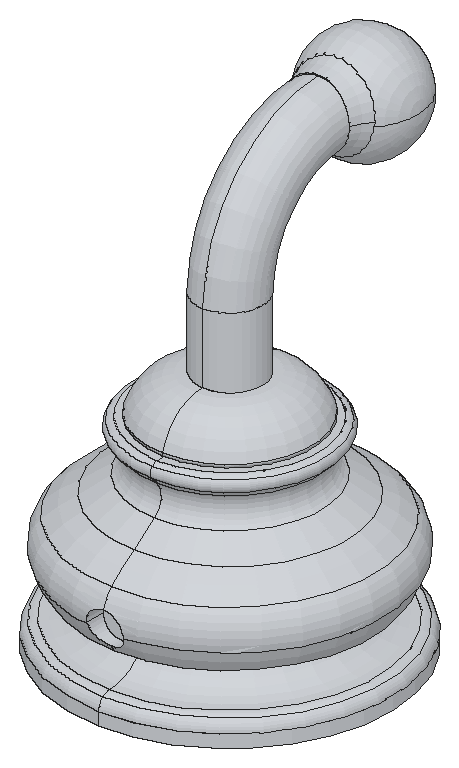
Revit family "Accessory-Robe_Hook-KOHLER-FAIRFAX-K-12156T", category Specialty Equipment, host Face, Revit 2017
Family settings
  Host = Face
  Round Connector Dimension = Use Diameter
  Part Type = Normal
  OmniClass Number = 23.31.25.27
  OmniClass Title = Robe Hooks
  Cut with Voids When Loaded = No
  Shared = No
  Room Calculation Point = No
Parameters (values of type "CP-Polished Chrome")
  Width = 2 133/256"  # constant formula
  WaterSense Certified = 1 = 0  # no
  URL = "http://www.kohler.com.cn/"
  Type = 1
  Product Page URL = "https://www.kohler.com.cn/product/K-12156T-CP/K-12156T-CP/"
  Product Name = "FAIRFAX"  # constant formula
  Product Documentation Link = "https://files.kohler.com.cn/pdfs/accessory_fairfax.pdf"
  Model = if(Type = 1, "K-12156T-CP", if(Type = 2, "K-12156T-BN", if(Type = 3, "K-12156T-BV", "NA")))  # "K-12156T-CP"
  Material = "Brass Construction"  # constant formula
  Master Format 2014 Name = "Toilet, Bath, and Laundry Accessories"  # constant formula
  Master Format 2014 = "10 28 00"  # constant formula
  Manufacturer Address = "158 Jiangchang 3rd Road Zhabei District Shanghai, 200436 China"  # constant formula
  Manufacturer = "KOHLER Co."  # constant formula
  Length = 3 159/256"  # constant formula
  Height = 2 133/256"  # constant formula
  Finish = Kohler-Metal-CP-Polished_Chrome
  Environmental Product Declaration = ""
  Description = "single hook"  # constant formula
  Default Elevation = 42"
  Declare Label = ""
  Date Modified = "06/16/2020"  # constant formula
  Date Created = "06/16/2020"  # constant formula
  Copyright = "Copyright KOHLER Co."  # constant formula
  Contact Us = "http://www.kohler.com.cn/en/contact/contact-us/"
  Assembly Code = "C1030200"
  ADA Compliant = 1 = 0  # no
Types (4): name | Type | Product Page URL | Model | Finish
  (no name) | 1 | "https://www.kohler.com.cn/product/K-12156T-CP/K-12156T-CP/" | "K-12156T-CP" | Kohler-Metal-CP-Polished_Chrome
  CP-Polished Chrome | 1 | "https://www.kohler.com.cn/product/K-12156T-CP/K-12156T-CP/" | "K-12156T-CP" | Kohler-Metal-CP-Polished_Chrome
  BN-Roman Silver | 2 | "https://www.kohler.com.cn/product/K-12156T-CP/K-12156T-BN/" | "K-12156T-BN" | Kohler-Metal-BN-Roman_Silver
  BV-Roman Copper | 3 | "https://www.kohler.com.cn/product/K-12156T-CP/K-12156T-BV/" | "K-12156T-BV" | Kohler-Metal-BV-Roman_Copper
Reference planes (in)
  plane 1 "Center (Front/Back)": y = 0
  plane 2: z = 0
  plane 3 "Center (Left/Right)": x = 0
  plane 4: x = -1.25984
  plane 5: x = 1.25969
  plane 6: y = 1.25984
  plane 7: y = -1.25969
  plane 8: y = 1.69291
  plane 9: z = 3.62109
Dimensions and locks (in)
  "Height": plane 7 to plane 6
  "Width": plane 4 to plane 5
  locked: plane 1 "Center (Front/Back)" to plane 8 at 1.69291
  "Length": plane 9 to level
  aligned and locked: plane 2 to host face
  aligned and locked: level to host face
  aligned and locked: plane 3 "Center (Left/Right)" to nested 1
  aligned and locked: plane 1 "Center (Front/Back)" to nested 1
Automatic sketch dimensions
  host sketch curve to host sketch curve = 96"  (x2)
Nested families (in)
  nested 1: "K-12156T" at (0, 0, 0), type "K-12156T"
Definition of nested family "K-12156T"
  Parameters (values of type "K-12156T")
    Material = none
  Reference planes (in)
    plane 1 "Center (Front/Back)": y = 0
    plane 2: z = 0
    plane 3 "Center (Left/Right)": x = 0
    plane 4: y = 1.25984
    plane 5: y = 1.69291
    plane 6: z = 3.62205
    plane 7: y = -1.25984
    plane 8: x = 1.25984
    plane 9: x = -1.25984
    plane 10: y = 0.80953
    plane 11: y = 0.99083
  Forms (in)
    Revolve 1, solid, material <- "Material", detail levels medium+fine
      sketch origin (0, 0, 0) x (0, 1, 0) y (0, 0, 1)
        loop
          line (0.79194, 0.44291) -> (1.08539, 0.44291)
          arc (1.08539, 0.44291) -> (1.14027, 0.52422) -> (1.18093, 0.61349) r 0.59031
          arc (1.18093, 0.61349) -> (1.18929, 0.75998) -> (1.11673, 0.8875) r 0.25901
          arc (1.11673, 0.8875) -> (1.01456, 0.97302) -> (0.90154, 1.04357) r 0.96066
          arc (0.90154, 1.04357) -> (0.79979, 1.10425) -> (0.70447, 1.17461) r 1.20802
          arc (0.70447, 1.17461) -> (0.64659, 1.28732) -> (0.68985, 1.40642) r 0.15842
          arc (0.68985, 1.40642) -> (0.71118, 1.42875) -> (0.73263, 1.45097) r 5.95788
          arc (0.73263, 1.45097) -> (0.75005, 1.49395) -> (0.73263, 1.53692) r 0.06172
          arc (0.73263, 1.53692) -> (0.712, 1.55133) -> (0.6875, 1.55701) r 0.06629
          line (0.6875, 1.55701) -> (0.61634, 1.55701)
          arc (0.61634, 1.55701) -> (0.63138, 1.56552) -> (0.63419, 1.58256) r 0.02002
          arc (0.63419, 1.58256) -> (0.4905, 1.78581) -> (0.25199, 1.85701) r 0.38114
          arc (0.25199, 1.85701) -> (0.12459, 1.86472) -> (0, 1.89243) r 0.80625
          line (0, 1.89243) -> (0, 0) -> (1.24016, 0) -> (1.24016, 0.09999)
          arc (1.24016, 0.09999) -> (1.22878, 0.14632) -> (1.19723, 0.18211) r 0.10001
          arc (1.19723, 0.18211) -> (1.1676, 0.19631) -> (1.135, 0.20044) r 0.10282
          arc (1.135, 0.20044) -> (0.92151, 0.2623) -> (0.79194, 0.44291) r 0.33976
        axis (0, 1.89243) -> (0, 0)
      angle from 0 to 360
    Revolve 2, solid, material <- "Material", detail levels medium+fine
      sketch origin (0, -0.10156, 3.19934) x (1, 0, 0) y (0, 1, 0)
        loop
          arc (0.42614, 1.3621) -> (0, 1.78824) -> (-0.42614, 1.3621) r 0.42614
          line (-0.42614, 1.3621) -> (0.42614, 1.3621)
        axis (-0.42614, 1.3621) -> (0.42614, 1.3621)
      angle from 0 to 360
    Sweep 3, solid, material <- "Material", detail levels medium+fine
      path origin (0, 0, 0.05652) x (0, 1, 0) y (0, 0, 1)
        loop
          line (0, 1.76394) -> (0, 2.33907)
          arc (0, 2.33907) -> (0.24888, 2.93991) -> (0.84971, 3.18879) r 0.84971
      profile origin (0, 0, 1.82046) x (0, -1, 0) y (1, 0, 0)
        loop
          circle (0, 0) r 0.25175
    Revolve 4, solid, material <- "Material", detail levels medium+fine
      sketch origin (0, -0.08934, 3.34198) x (1, 0, 0) y (0, 0.994522, -0.104528)
        loop
          spline (-0.25174, 0.90434) -> (-0.24959, 0.9085) -> (-0.24316, 0.91258) -> (-0.23258, 0.91653) -> (-0.21801, 0.92026) -> (-0.19972, 0.92373) -> (-0.17801, 0.92686) -> (-0.15325, 0.92961) -> (-0.12587, 0.93192) -> (-0.09634, 0.93377) -> (-0.06515, 0.9351) -> (-0.03286, 0.93592) -> (0, 0.93619)
          line (0, 0.93619) -> (0, 1.11771)
          spline (0, 1.11771) -> (-0.0418, 1.11743) -> (-0.08287, 1.11659) -> (-0.12253, 1.1152) -> (-0.16009, 1.1133) -> (-0.19492, 1.1109) -> (-0.2264, 1.10806) -> (-0.25401, 1.10483) -> (-0.27728, 1.10125) -> (-0.2958, 1.09738) -> (-0.30926, 1.09331) -> (-0.31743, 1.08908) -> (-0.32017, 1.08479)
          arc (-0.32017, 1.08479) -> (-0.2791, 0.99716) -> (-0.25174, 0.90434) r 0.63858
        axis (0, 1.11771) -> (0, 0.90434)
      angle from 0 to 360
    Revolve 5, solid, material <- "Material", detail levels coarse
      sketch origin (0, 0, 0) x (0, 1, 0) y (0, 0, 1)
        loop
          line (1.33601, 0) -> (1.33601, 0.25) -> (1.09588, 0.25) -> (1.09588, 1.25021) -> (0.79194, 1.25021) -> (0.79194, 1.85665) -> (0, 1.85665) -> (0, 0) -> (1.33601, 0)
        axis (0, 1.85665) -> (0, 0)
      angle from 0 to 360
    Sweep 6, solid, material <- "Material", detail levels coarse
      path origin (0, 0, 0) x (0, 1, 0) y (0, 0, 1)
        loop
          arc (1.0835, 3.14184) -> (0.3479, 3.06719) -> (0, 2.41477) r 0.7857
          line (0, 2.41477) -> (0, 1.85665)
      profile origin (0, 0, 1.85665) x (1, 0, 0) y (0, 1, 0)
        loop
          circle (0, 0) r 0.32756
    Revolve 7, solid, material <- "Material", detail levels coarse
      sketch origin (0, 0, 3.19531) x (1, 0, 0) y (0, 1, 0)
        loop
          line (-0.49839, 1.26061) -> (0.50099, 1.26061)
          arc (0.50099, 1.26061) -> (0.0013, 1.7603) -> (-0.49839, 1.26061) r 0.49969
        axis (-0.49839, 1.26061) -> (0.50099, 1.26061)
      angle from 0 to 360
    Extrusion 8, void
      sketch origin (0, 0, 0) x (1, 0, 0) y (0, 0, 1)
        loop
          circle (0, 0.62795) r 0.13808
      from 1.02657 to 1.54445
  Cuts and joins
    Extrusion 8 cuts Revolve 1
    Extrusion 8 cuts Revolve 2
    Extrusion 8 cuts Sweep 3
    joined: Revolve 1, Revolve 2, Sweep 3
    Extrusion 8 cuts Sweep 6
    Extrusion 8 cuts Revolve 7
    joined: Revolve 5, Sweep 6, Revolve 7
  Lines and regions (in)
    Masking region 1
      outline origin (0, 0, 0) x (1, 0, 0) y (0, 1, 0)
        loop
          arc (0, -1.25984) -> (0.89084, -0.89084) -> (1.25984, 0) r 1.25984
          arc (1.25984, 0) -> (1.02856, 0.72751) -> (0.41963, 1.1879) r 1.25984
          arc (0.41963, 1.1879) -> (0.3283, 1.53886) -> (0, 1.69291) r 0.42685
          arc (0, 1.69291) -> (-0.3283, 1.53886) -> (-0.41963, 1.1879) r 0.42685
          arc (-0.41963, 1.1879) -> (-1.02856, 0.72751) -> (-1.25984, 0) r 1.25984
          arc (-1.25984, 0) -> (-0.89084, -0.89084) -> (0, -1.25984) r 1.25984
    Masking region 2
      outline origin (0, 0, 0) x (1, 0, 0) y (0, 0, 1)
        loop
          line (0.6875, 1.55701) -> (0.61605, 1.55701)
          arc (0.61605, 1.55701) -> (0.63129, 1.56515) -> (0.63433, 1.58216) r 0.01978
          arc (0.63433, 1.58216) -> (0.50859, 1.77288) -> (0.2959, 1.85621) r 0.37767
          line (0.2959, 1.85621) -> (0.25174, 1.85729) -> (0.25174, 2.8562)
          arc (0.25174, 2.8562) -> (0.40308, 3.33024) -> (0, 3.62205) r 0.4243
          arc (0, 3.62205) -> (-0.40308, 3.33024) -> (-0.25174, 2.8562) r 0.4243
          line (-0.25174, 2.8562) -> (-0.25174, 1.85729) -> (-0.2959, 1.85621)
          arc (-0.2959, 1.85621) -> (-0.50859, 1.77288) -> (-0.63433, 1.58216) r 0.37767
          arc (-0.63433, 1.58216) -> (-0.63129, 1.56515) -> (-0.61605, 1.55701) r 0.01978
          line (-0.61605, 1.55701) -> (-0.6875, 1.55701)
          arc (-0.6875, 1.55701) -> (-0.71721, 1.54826) -> (-0.73985, 1.52712) r 0.0673
          arc (-0.73985, 1.52712) -> (-0.74999, 1.4956) -> (-0.74207, 1.46345) r 0.06067
          arc (-0.74207, 1.46345) -> (-0.72321, 1.44097) -> (-0.70283, 1.41987) r 0.42042
          arc (-0.70283, 1.41987) -> (-0.67171, 1.38413) -> (-0.65324, 1.3405) r 0.15055
          arc (-0.65324, 1.3405) -> (-0.649, 1.32301) -> (-0.64663, 1.30517) r 0.17065
          arc (-0.64663, 1.30517) -> (-0.65637, 1.23974) -> (-0.69384, 1.18523) r 0.14683
          arc (-0.69384, 1.18523) -> (-0.74678, 1.14115) -> (-0.80364, 1.10225) r 0.73106
          arc (-0.80364, 1.10225) -> (-0.87178, 1.06113) -> (-0.94071, 1.02137) r 4.02131
          arc (-0.94071, 1.02137) -> (-1.02428, 0.96693) -> (-1.1002, 0.90224) r 0.77825
          arc (-1.1002, 0.90224) -> (-1.15766, 0.82867) -> (-1.19292, 0.74224) r 0.33952
          arc (-1.19292, 0.74224) -> (-1.19839, 0.69142) -> (-1.18938, 0.6411) r 0.18035
          arc (-1.18938, 0.6411) -> (-1.1736, 0.59729) -> (-1.15556, 0.55437) r 0.88868
          arc (-1.15556, 0.55437) -> (-1.12432, 0.49622) -> (-1.08539, 0.44291) r 0.47981
          line (-1.08539, 0.44291) -> (-0.79195, 0.44291)
          arc (-0.79195, 0.44291) -> (-0.90611, 0.27267) -> (-1.09796, 0.20051) r 0.33579
          line (-1.09796, 0.20051) -> (-1.159, 0.20051)
          arc (-1.159, 0.20051) -> (-1.23031, 0.17097) -> (-1.25984, 0.09966) r 0.10084
          line (-1.25984, 0.09966) -> (-1.25984, 0) -> (0, 0) -> (1.25984, 0) -> (1.25984, 0.09966)
          arc (1.25984, 0.09966) -> (1.23031, 0.17097) -> (1.159, 0.20051) r 0.10084
          line (1.159, 0.20051) -> (1.09796, 0.20051)
          arc (1.09796, 0.20051) -> (0.90611, 0.27267) -> (0.79195, 0.44291) r 0.33579
          line (0.79195, 0.44291) -> (1.08539, 0.44291)
          arc (1.08539, 0.44291) -> (1.12432, 0.49622) -> (1.15556, 0.55437) r 0.47981
          arc (1.15556, 0.55437) -> (1.1736, 0.59729) -> (1.18938, 0.6411) r 0.88868
          arc (1.18938, 0.6411) -> (1.19839, 0.69142) -> (1.19292, 0.74224) r 0.18035
          arc (1.19292, 0.74224) -> (1.15766, 0.82867) -> (1.1002, 0.90224) r 0.33952
          arc (1.1002, 0.90224) -> (1.02428, 0.96693) -> (0.94071, 1.02137) r 0.77825
          arc (0.94071, 1.02137) -> (0.87178, 1.06113) -> (0.80364, 1.10225) r 4.02131
          arc (0.80364, 1.10225) -> (0.74678, 1.14115) -> (0.69384, 1.18523) r 0.73106
          arc (0.69384, 1.18523) -> (0.65637, 1.23974) -> (0.64663, 1.30517) r 0.14683
          arc (0.64663, 1.30517) -> (0.649, 1.32301) -> (0.65324, 1.3405) r 0.17065
          arc (0.65324, 1.3405) -> (0.67171, 1.38413) -> (0.70283, 1.41987) r 0.15055
          arc (0.70283, 1.41987) -> (0.72321, 1.44097) -> (0.74207, 1.46345) r 0.42042
          arc (0.74207, 1.46345) -> (0.74999, 1.4956) -> (0.73985, 1.52712) r 0.06067
          arc (0.73985, 1.52712) -> (0.71721, 1.54826) -> (0.6875, 1.55701) r 0.0673
    Masking region 3
      outline origin (0, 0, 0) x (0, 1, 0) y (0, 0, 1)
        loop
          line (0.6875, 1.55701) -> (0.61634, 1.55701)
          arc (0.61634, 1.55701) -> (0.63145, 1.56531) -> (0.63437, 1.5823) r 0.01985
          arc (0.63437, 1.5823) -> (0.49081, 1.78615) -> (0.25175, 1.857) r 0.37969
          line (0.25175, 1.857) -> (0.25175, 2.41477)
          arc (0.25175, 2.41477) -> (0.41986, 2.8117) -> (0.8114, 2.99201) r 0.5971
          arc (0.8114, 2.99201) -> (0.88693, 2.96549) -> (0.94945, 2.9155) r 0.23875
          arc (0.94945, 2.9155) -> (1.43206, 2.80582) -> (1.69296, 3.22639) r 0.42619
          arc (1.69296, 3.22639) -> (1.43799, 3.58406) -> (1.00134, 3.53637) r 0.43434
          arc (1.00134, 3.53637) -> (0.93536, 3.50767) -> (0.8642, 3.49695) r 0.27683
          arc (0.8642, 3.49695) -> (0.08268, 3.18638) -> (-0.25175, 2.41477) r 1.10123
          line (-0.25175, 2.41477) -> (-0.25175, 1.857)
          arc (-0.25175, 1.857) -> (-0.49081, 1.78615) -> (-0.63437, 1.5823) r 0.37969
          arc (-0.63437, 1.5823) -> (-0.63145, 1.56531) -> (-0.61634, 1.55701) r 0.01985
          line (-0.61634, 1.55701) -> (-0.6875, 1.55701)
          arc (-0.6875, 1.55701) -> (-0.74643, 1.51463) -> (-0.72737, 1.44459) r 0.06368
          arc (-0.72737, 1.44459) -> (-0.68354, 1.39726) -> (-0.65278, 1.34056) r 0.25869
          arc (-0.65278, 1.34056) -> (-0.64517, 1.27572) -> (-0.6702, 1.21542) r 0.12933
          arc (-0.6702, 1.21542) -> (-0.73784, 1.14474) -> (-0.8198, 1.09133) r 0.4267
          arc (-0.8198, 1.09133) -> (-0.98125, 0.9958) -> (-1.12738, 0.87819) r 1.30975
          arc (-1.12738, 0.87819) -> (-1.13883, 0.86614) -> (-1.14869, 0.85277) r 0.13441
          arc (-1.14869, 0.85277) -> (-1.1952, 0.68819) -> (-1.14109, 0.52595) r 0.29063
          arc (-1.14109, 0.52595) -> (-1.11551, 0.48291) -> (-1.08539, 0.44291) r 0.45847
          line (-1.08539, 0.44291) -> (-0.79194, 0.44291)
          arc (-0.79194, 0.44291) -> (-0.90556, 0.27361) -> (-1.09588, 0.20044) r 0.33804
          line (-1.09588, 0.20044) -> (-1.14484, 0.20044)
          arc (-1.14484, 0.20044) -> (-1.21889, 0.17284) -> (-1.25, 0.10019) r 0.10036
          line (-1.25, 0.10019) -> (-1.25, 0) -> (0, 0) -> (1.25, 0) -> (1.25, 0.10019)
          arc (1.25, 0.10019) -> (1.21889, 0.17284) -> (1.14484, 0.20044) r 0.10036
          line (1.14484, 0.20044) -> (1.09588, 0.20044)
          arc (1.09588, 0.20044) -> (0.90556, 0.27361) -> (0.79194, 0.44291) r 0.33804
          line (0.79194, 0.44291) -> (1.08539, 0.44291)
          arc (1.08539, 0.44291) -> (1.11551, 0.48291) -> (1.14109, 0.52595) r 0.45847
          arc (1.14109, 0.52595) -> (1.1952, 0.68819) -> (1.14869, 0.85277) r 0.29063
          arc (1.14869, 0.85277) -> (1.13883, 0.86614) -> (1.12738, 0.87819) r 0.13441
          arc (1.12738, 0.87819) -> (0.98125, 0.9958) -> (0.8198, 1.09133) r 1.30975
          arc (0.8198, 1.09133) -> (0.73784, 1.14474) -> (0.6702, 1.21542) r 0.4267
          arc (0.6702, 1.21542) -> (0.64517, 1.27572) -> (0.65278, 1.34056) r 0.12933
          arc (0.65278, 1.34056) -> (0.68354, 1.39726) -> (0.72737, 1.44459) r 0.25869
          arc (0.72737, 1.44459) -> (0.74643, 1.51463) -> (0.6875, 1.55701) r 0.06368
    symbolic lines, detail levels medium+fine
      curve 1: arc (-0.4038, 1.12525, 0) -> (0, -1.1955, 0) -> (0.4038, 1.12525, 0) r 1.1955
      curve 2: arc (-0.2514, 0.63989, 0) -> (0, -0.6875, 0) -> (0.2514, 0.63989, 0) r 0.6875
      curve 3: line (-0.25131, 0.8119, 0) -> (-0.25175, 0, 0)
      curve 4: arc (-0.25175, 0, 0) -> (-0.17801, -0.17801, 0) -> (0, -0.25175, 0) r 0.25175
      curve 5: line (0.25131, 0.8119, 0) -> (0.25175, 0, 0)
      curve 6: arc (0.25175, 0, 0) -> (0.17801, -0.17801, 0) -> (0, -0.25175, 0) r 0.25175
      curve 7: arc (-0.25143, 0.58258, 0) -> (0, -0.63452, 0) -> (0.25143, 0.58258, 0) r 0.63452
      curve 8: arc (-0.25136, 0.70662, 0) -> (0, -0.75, 0) -> (0.25136, 0.70662, 0) r 0.75
      curve 9: arc (-0.25131, 0.8119, 0) -> (-0.2644, 0.8861, 0) -> (-0.29593, 0.95452, 0) r 0.2939
      curve 10: arc (-0.29593, 0.95452, 0) -> (-0.37637, 1.06136, 0) -> (-0.41964, 1.1879, 0) r 0.42517
      curve 11: arc (0.25131, 0.8119, 0) -> (0.2644, 0.8861, 0) -> (0.29593, 0.95452, 0) r 0.2939
      curve 12: arc (0.29593, 0.95452, 0) -> (0.37637, 1.06136, 0) -> (0.41964, 1.1879, 0) r 0.42517
      curve 13: arc (-0.25174, 0, 2.8562) -> (0, 0, 2.77376) -> (0.25174, 0, 2.8562) r 0.42562
      curve 14: line (0.25174, 0, 1.85729) -> (-0.25174, 0, 1.85729)
      curve 15: line (0.6875, 0, 1.55701) -> (0, 0, 1.55701)
      curve 16: line (0, 0, 1.55701) -> (-0.6875, 0, 1.55701)
      curve 17: line (1.08539, 0, 0.44291) -> (0, 0, 0.44291)
      curve 18: line (0, 0, 0.44291) -> (-1.08539, 0, 0.44291)
      curve 19: line (1.0993, 0, 0.20044) -> (-1.0993, 0, 0.20044)
      curve 20: spline (-0.25131, 0.78326, 0) -> (-0.24274, 0.79006, 0) -> (-0.21764, 0.79639, 0) -> (-0.1777, 0.80183, 0) -> (-0.12565, 0.80601, 0) -> (-0.06504, 0.80863, 0) -> (0, 0.80953, 0) -> (0.06504, 0.80863, 0) -> (0.12565, 0.80601, 0) -> (0.1777, 0.80183, 0) -> (0.21764, 0.79639, 0) -> (0.24274, 0.79006, 0) -> (0.25131, 0.78326, 0)
      curve 21: line (0, 0.25175, 1.857) -> (0, -0.25175, 1.857)
      curve 22: line (0, 0.61634, 1.55701) -> (0, -0.61634, 1.55701)
      curve 23: line (0, 0.79194, 0.44291) -> (0, -0.79194, 0.44291)
      curve 24: line (0, 1.09588, 0.20044) -> (0, -1.09588, 0.20044)
      curve 25: line (-0.70283, 0, 1.41987) -> (0.70283, 0, 1.41987)
      curve 26: line (0, 0.72737, 1.44459) -> (0, -0.72737, 1.44459)
      curve 27: line (0, 0.83617, 3.49604) -> (0, 0.78289, 2.989)
      curve 28: line (0, 1.02332, 3.55167) -> (0, 0.95573, 2.9086)
      curve 29: spline (-0.31079, 0.9696, 0) -> (-0.3002, 0.97823, 0) -> (-0.26916, 0.98628, 0) -> (-0.21976, 0.9932, 0) -> (-0.1554, 0.9985, 0) -> (-0.08044, 1.00183, 0) -> (0, 1.00297, 0) -> (0.08044, 1.00183, 0) -> (0.1554, 0.9985, 0) -> (0.21976, 0.9932, 0) -> (0.26916, 0.98628, 0) -> (0.3002, 0.97823, 0) -> (0.31079, 0.9696, 0)
  Dimensions and locks (in)
    level to plane 6 = 3.62205"  (x2)
    plane 1 "Center (Front/Back)" to plane 5 = 1.69291"
    plane 5 to plane 1 "Center (Front/Back)" = 1.69291"
    plane 4 to plane 7 = 2.51969"
    aligned and locked: plane 2 to level
